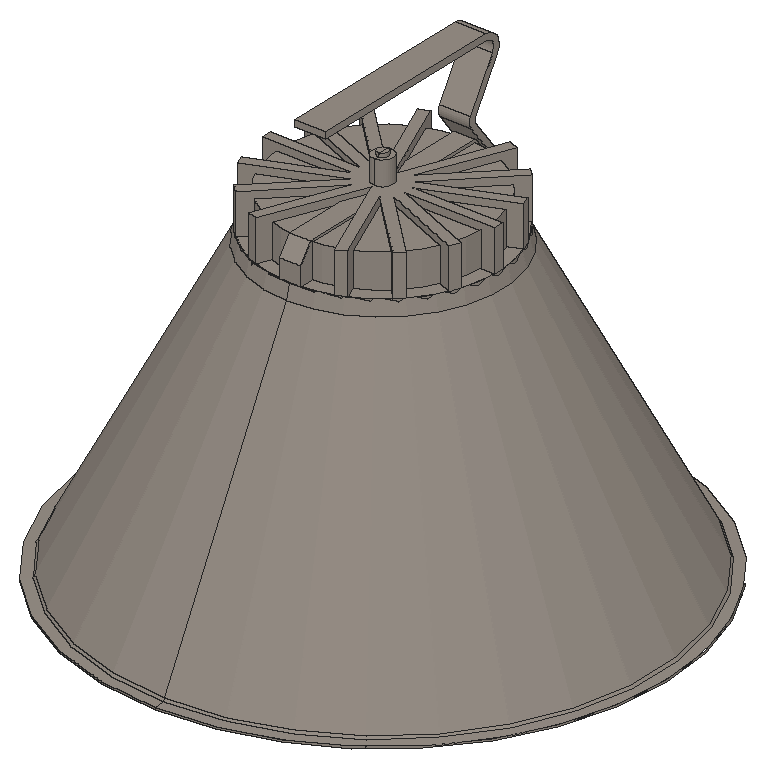
Revit family "Lighting_Pendants_Zero_City_Wire", category Lighting Fixtures, Revit 2020
Family settings
  Round Connector Dimension = Use Diameter
  Part Type = Normal
  OmniClass Number = 23.80.70.00
  OmniClass Title = Lighting
  Work Plane-Based = No
  Always vertical = Yes
  Cut with Voids When Loaded = No
  Light Source = Yes
  Shared = No
  Room Calculation Point = No
Parameters (values of type "City wire LED 1166LM/18W Beige grey")
  Youtube clip = ""
  Weight Net (Kg) = "6.2"
  Wattage = 7.84963 W
  WarrantyStartDate [instance] = "n/a"
  WarrantyGuarantorParts = "n/a"
  WarrantyGuarantorLabor = "n/a"
  WarrantyDurationUnit = "Year"
  WarrantyDurationParts = "n/a"
  WarrantyDurationLabor = "n/a"
  WarrantyDescription = "n/a"
  built-in parameter 1150110 = 1 (stored number, unit not read)
  VersionDate = "31/08/2023"  # constant formula
  Version = "3"  # constant formula
  UsageCurrent = 0 A
  Uniformat II Description = ""
  Uniformat II Code = ""
  Uniclass2015Reference = "Pr_70_70_48_86"
  Uniclass2015Description = "Suspended luminaires"
  Uniclass2 = "Pr_70_70_49_86"
  Uniclass 2015 Name = "Suspended luminaires"
  Uniclass 2015 Code = "Pr_70_70_48_86"
  Uniclass 2.0 Description = ""
  Uniclass 2.0 Code = ""
  Uniclass 1.4 Description = ""
  Uniclass 1.4 Code = ""
  URL = "https://www.zerolighting.com/outdoorpendant#/cityvajer-utompe/"
  UNSPSC Code = ""
  TotalWattage = 18 W
  built-in parameter 1114217 = 1 (stored number, unit not read)
  Tilt Angle = 90.00°
  built-in parameter 1150109 = 1 (stored number, unit not read)
  built-in parameter 1150134 = (empty or 0)
  Technical description = ""
  TagNumber [instance] = "n/a"
  SustainabilityPerformance = "n/a"
  built-in parameter 1150113 = 1 (stored number, unit not read)
  Size = "555x555x428 mm"
  Shape = "Cone"
  SerialNumber [instance] = "n/a"
  Revision = "5"  # constant formula
  ReplacementCost = "n/a"
  Region South America = "None"
  Region Oceania = "AU, NZ"
  Region North America = "BZ, CR, GT, HN, MX, NI, PA, SV, US"
  Region Middle East = "AE"
  Region Europe = "AD, AL, AT, AX, BA, BE, BG, BY, CH, CY, CZ, DE, DK, EE, ES, FI, FO, FR, GB, GG, GI, GR, HR, HU, IE, IM, IS, IT, JE, LI, LT, LU, LV, MC, MD, ME, MK, MT, NL, NO, PL, PT, RO, RS, RU, SE, SI, SJ, SK, SM, UA, VA"
  Region Asia = "HK, JP, SG"
  Region Antarctica = "None"
  Region Africa = "None"
  ProductInformation = "City has a wide range of applications: outdoor or indoor, enhancing retail environments, industries and public transport."
  Product group = "Catenary"
  Product family = "City"
  Product certification = ""
  Product SKU = "City_catenary"
  Product Guid = "6c30b859-9d74-477a-a7e0-98cf28369c1c"
  Photometric Web File = "City33923_IES.IES"
  PhaseReference = "n/a"
  PhaseAngle = 0.00°
  OmniClass Description = ""
  OmniClass Code = ""
  NumberOfSources = 0
  NumberOfPoles = 1
  Nominal_Width = 555 mm
  Nominal_Length = 555 mm
  Nominal_Height = 428 mm
  NominalVoltageCalc = 0 V
  NominalVoltage = 230 V
  NominalRadius = 277.5 mm
  NominalFrequencyRange = 50 Hz
  NominalDiameter = 555 mm
  NominalCurrent = 0 A
  Nominal width = 555 mm
  Nominal height = 428 mm
  Name = "Zero_City_Wire"
  NBSReference = "90-60-50/405"
  NBSDescription = "General purpose luminaires"
  NBS Reference Description = "General-Purpose Luminaires"
  NBS Reference Code = "70-50-34"
  ModelReference = "n/a"
  ModelNumber = "3392-3-66"
  Model = "City wire LED 1166LM/18W Beige grey"
  Material secondary = "Steel"
  Material main = "Aluminium"
  Material = "Metal"
  Masterformat 2014 Description = ""
  Masterformat 2014 Code = ""
  ManufacturersSpecificInformation = "n/a"
  ManufacturerURL = "https://www.zerolighting.com/"
  ManufacturerName = "Zero"
  Manufacturer name = "ZERO"
  Manufacturer country = "Sweden"
  Manufacturer = "Zero"
  MaintenanceFactor = 0
  Lumens = 1166 lm
  built-in parameter 1150115 = 1 (stored number, unit not read)
  built-in parameter 1150105 = 925.33 (stored number, unit not read)
  LightFixturePlacingType = "Other"
  LightFixtureMountingType = "Suspended"
  LightFixtureMainMaterial = Beige Grey RAL 7006
  built-in parameter 1150137 = (empty or 0)
  built-in parameter 1150139 = (empty or 0)
  built-in parameter 1150112 = 1 (stored number, unit not read)
  built-in parameter 1150114 = 1 (stored number, unit not read)
  InsulationStandardClass = "n/a"
  InstallationDate [instance] = "n/a"
  Installation instructions = ""
  built-in parameter 1150132 = 2
  built-in parameter 1150102 = (empty or 0)
  built-in parameter 1150138 = (empty or 0)
  built-in parameter 1150107 = 3000 (stored number, unit not read)
  built-in parameter 1150106 = 9.2533 (stored number, unit not read)
  IfcExportType = "NOTDEFINED"  # constant formula
  IfcExportAs = "IfcLightFixtureType"  # constant formula
  IP_Code = "IP65"
  IK Classification = "10"
  IFC Classification = "Light Fixture"
  HasProtectiveEarth = no
  Grade = "n/a"
  GTIN code = ""
  Finish = "Painted aluminum"
  Features = "Terminal block inside housing. Conduit entry"
  ExpectedLife = "n/a"
  ElectricalDeviceNominalPower = 0
  built-in parameter 1150104 = 13.8 (stored number, unit not read)
  Edition number = 1
  EANNumber = "n/a"
  DurationUnit = "Year"
  Dimming Lamp Color Temperature Shift = <None>
  Dimming = "None"
  Designer = "Thomas Bernstrand"
  Design country = "Sweden"
  Description = "City has a wide range of applications: outdoor or indoor, enhancing retail environments, industries and public transport."
  DefaultElevation = 0 mm
  Default Elevation = 0 mm
  Date of publishing = "5/20/2019"
  Constituents = "Glass diffuser"
  Color Filter = 16777215
  Color = "Beige"
  Collection = "City"
  CodePerformance = "n/a"
  Category = "Wire"
  COBIe Type Category = ""
  Brand url = "http://www.zero.se"
  Brand = "Zero"
  Barcode [instance] = "n/a"
  built-in parameter 1114218 = 1 (stored number, unit not read)
  BIMObjectName = "Lighting_Pendants_Zero_City_Wire"
  Author = "BIMstone"  # constant formula
  built-in parameter 1150133 = 10 (stored number, unit not read)
  AssetType = "Fixed"
  AssetIdentifier [instance] = "n/a"
  ArticleNumber = "3392-3-66"
  AccessibilityPerformance = "n/a"
Types (12, lengths in mm): name | Wattage | TotalWattage | Photometric Web File | ModelNumber | Model | Lumens | built-in parameter 1150105 | LightFixtureMainMaterial | built-in parameter 1150106 | Dimming | Color | ArticleNumber
  City wire LED 1166LM/18W Black | 7.84963 W | 18 W | "City33923_IES.IES" | "3392-3-06" | "City wire LED 1166LM/18W Black" | 1166 lm | 925.33 (stored number, unit not read) | Black RAL 9005 | 9.2533 (stored number, unit not read) | "None" | "Black" | "3392-3-06"
  City wire LED 2120LM/32W Black | 14.2721 W | 32 W | "City33933_IES.IES" | "3393-3-06" | "City wire LED 2120LM/32W Black" | 2120 lm | 1682.4 (stored number, unit not read) | Black RAL 9005 | 16.824 (stored number, unit not read) | "None" | "Black" | "3393-3-06"
  City wire LED 1166LM/18W Beige grey | 7.84963 W | 18 W | "City33923_IES.IES" | "3392-3-66" | "City wire LED 1166LM/18W Beige grey" | 1166 lm | 925.33 (stored number, unit not read) | Beige Grey RAL 7006 | 9.2533 (stored number, unit not read) | "None" | "Beige" | "3392-3-66"
  City wire LED 2120LM/32W Beige grey | 14.2721 W | 32 W | "City33933_IES.IES" | "3393-3-66" | "City wire LED 2120LM/32W Beige grey" | 2120 lm | 1682.4 (stored number, unit not read) | Beige Grey RAL 7006 | 16.824 (stored number, unit not read) | "None" | "Beige" | "3393-3-66"
  City wire LED 1166LM/18W N Beige grey | 7.84963 W | 18 W | "City33923_IES.IES" | "3392-3-66N" | "City wire LED 1166LM/18W N Beige grey" | 1166 lm | 925.33 (stored number, unit not read) | Beige Grey RAL 7006 | 9.2533 (stored number, unit not read) | "Night-time dimming" | "Beige" | "3392-3-66N"
  City wire LED 1166LM/18W N Black | 7.84963 W | 18 W | "City33923_IES.IES" | "3392-3-06N" | "City wire LED 1166LM/18W N Black" | 1166 lm | 925.33 (stored number, unit not read) | Black RAL 9005 | 9.2533 (stored number, unit not read) | "Night-time dimming" | "Black" | "3392-3-06N"
  City wire LED 2120LM/32W N Beige grey | 14.2721 W | 32 W | "City33933_IES.IES" | "3393-3-66N" | "City wire LED 2120LM/32W N Beige grey" | 2120 lm | 1682.4 (stored number, unit not read) | Beige Grey RAL 7006 | 16.824 (stored number, unit not read) | "Night-time dimming" | "Beige" | "3393-3-66N"
  City wire LED 2120LM/32W N Black | 14.2721 W | 32 W | "City33933_IES.IES" | "3393-3-06N" | "City wire LED 2120LM/32W N Black" | 2120 lm | 1682.4 (stored number, unit not read) | Black RAL 9005 | 16.824 (stored number, unit not read) | "Night-time dimming" | "Black" | "3393-3-06N"
  City wire LED 1166LM/18W HFF Beige grey | 7.84963 W | 18 W | "City33923_IES.IES" | "3392-3-66HFF" | "City wire LED 1166LM/18W HFF Beige grey" | 1166 lm | 925.33 (stored number, unit not read) | Beige Grey RAL 7006 | 9.2533 (stored number, unit not read) | "Dimmable DALI." | "Beige" | "3392-3-66HFF"
  City wire LED 1166LM/18W HFF Black | 7.84963 W | 18 W | "City33923_IES.IES" | "3392-3-06HFF" | "City wire LED 1166LM/18W HFF Black" | 1166 lm | 925.33 (stored number, unit not read) | Black RAL 9005 | 9.2533 (stored number, unit not read) | "Dimmable DALI." | "Black" | "3392-3-06HFF"
  City wire LED 2120LM/32W HFF Beige grey | 14.2721 W | 32 W | "City33933_IES.IES" | "3393-3-66HFF" | "City wire LED 2120LM/32W HFF Beige grey" | 2120 lm | 1682.4 (stored number, unit not read) | Beige Grey RAL 7006 | 16.824 (stored number, unit not read) | "Dimmable DALI" | "Beige" | "3393-3-66HFF"
  City wire LED 2120LM/32W HFF Black | 14.2721 W | 32 W | "City33933_IES.IES" | "3393-3-06HFF" | "City wire LED 2120LM/32W HFF Black" | 2120 lm | 1682.4 (stored number, unit not read) | Black RAL 9005 | 16.824 (stored number, unit not read) | "Dimmable DALI" | "Black" | "3393-3-06HFF"
Reference planes
  plane 1 "Light Source Axis (F/B)": y = 0
  plane 2: z = 0
  plane 3 "Light Source Axis (L/R)": x = 0
  plane 4 "Light Source Elevation": z = 120
  plane 5: y = 277.5
  plane 6: y = -277.5
  plane 7: x = 277.5
  plane 8: x = -277.5
  plane 9: z = 428
Forms (mm)
  Extrusion 1, solid, material "Beige Grey RAL 7006" <- "LightFixtureMainMaterial", detail levels coarse
    sketch origin (0, 0, 0) x (1, 0, 0) y (0, 1, 0)
      loop
        line (-277.5, -277.5) -> (277.5, -277.5) -> (277.5, 277.5) -> (-277.5, 277.5) -> (-277.5, -277.5)
    from 0 to 428
Dimensions and locks
  equal spacing: plane 8, plane 3 "Light Source Axis (L/R)", plane 7
  "Nominal_Length": plane 8 to plane 7
  equal spacing: plane 5, plane 1 "Light Source Axis (F/B)", plane 6
  "Nominal_Width": plane 5 to plane 6
  "Nominal_Height": plane 9 to level
  aligned and locked: plane 3 "Light Source Axis (L/R)" to imposter light
  aligned and locked: plane 1 "Light Source Axis (F/B)" to imposter light
  aligned and locked: plane 4 "Light Source Elevation" to imposter light
  aligned and locked: level to plane 2
Automatic sketch dimensions
  Extrusion 1 sketch curve to plane 5 = 0 mm
  Extrusion 1 sketch curve to plane 8 = 0 mm
  Extrusion 1 sketch curve to plane 7 = 0 mm
  Extrusion 1 sketch curve to plane 6 = 0 mm
Nested families
  nested 1: "City-pendant-wire" at (0, 0, 0), Material1 <- "LightFixtureMainMaterial", type "City-pendant-wire"
    with Material1 Beige Grey RAL 7006
Connectors
  electrical at (0, 0, 367.936), driven by "NominalVoltage"
    settings: on nested 1, index 1, voltage 230 V, apparent load 0 VA, apparent load phase1 0 VA, apparent load phase2 0 VA, apparent load phase3 0 VA, power factor 1, load classification "Other", number of poles 1, system type 31, power factor state 1, is connector primary yes, connector utility no, sub classification motor no, connector description ""
Definition of nested family "City-pendant-wire"
  Parameters (values of type "City-pendant-wire")
    Material1 [instance] = none
    Default Elevation = 0 mm
  Reference planes
    plane 1 "Center (Front/Back)": y = 0
    plane 2: z = 0
    plane 3 "Center (Left/Right)": x = 0
    plane 4: z = 342
  Forms (mm)
    Revolve 1, solid, material <- "Material1", detail levels medium+fine
      sketch origin (0, 0, 0) x (0, 1, 0) y (0, 0, 1)
        loop
          line (100, 302) -> (100, 335.077) -> (0, 335.077) -> (0, 330.077) -> (95, 330.077) -> (95, 297) -> (109.862, 297) -> (112.338, 286.27) -> (262.824, 0) -> (277.395, 0) -> (277.395, 2) -> (267.643, 2.804) -> (265.772, 5.137) -> (117.065, 288.025) -> (113.84, 302) -> (100, 302)
        axis (0, 0) -> (0, 335.077)
      angle from 0 to 360
    Extrusion 2, solid, material <- "Material1", detail levels medium+fine
      sketch origin (0, 0, 9) x (1, 0, 0) y (0, 1, 0)
        loop
          arc (-103.16, 48.142) -> (-105.175, 43.565) -> (-106.987, 38.903) r 113.84
          line (-106.987, 38.903) -> (-25.137, 5) -> (-113.73, 5)
          arc (-113.73, 5) -> (-113.84, 0) -> (-113.73, -5) r 113.84
          line (-113.73, -5) -> (-25.137, -5) -> (-106.987, -38.903)
          arc (-106.987, -38.903) -> (-105.175, -43.565) -> (-103.16, -48.142) r 113.84
          line (-103.16, -48.142) -> (-21.31, -14.239) -> (-83.955, -76.884)
          arc (-83.955, -76.884) -> (-80.497, -80.497) -> (-76.884, -83.955) r 113.84
          line (-76.884, -83.955) -> (-14.239, -21.31) -> (-48.142, -103.16)
          arc (-48.142, -103.16) -> (-43.565, -105.175) -> (-38.903, -106.987) r 113.84
          line (-38.903, -106.987) -> (0, -13.066) -> (38.903, -106.987)
          arc (38.903, -106.987) -> (43.565, -105.175) -> (48.142, -103.16) r 113.84
          line (48.142, -103.16) -> (14.239, -21.31) -> (76.884, -83.955)
          arc (76.884, -83.955) -> (80.497, -80.497) -> (83.955, -76.884) r 113.84
          line (83.955, -76.884) -> (21.31, -14.239) -> (103.16, -48.142)
          arc (103.16, -48.142) -> (105.175, -43.565) -> (106.987, -38.903) r 113.84
          line (106.987, -38.903) -> (25.137, -5) -> (113.73, -5)
          arc (113.73, -5) -> (113.84, 0) -> (113.73, 5) r 113.84
          line (113.73, 5) -> (25.137, 5) -> (106.987, 38.903)
          arc (106.987, 38.903) -> (105.175, 43.565) -> (103.16, 48.142) r 113.84
          line (103.16, 48.142) -> (21.31, 14.239) -> (83.955, 76.884)
          arc (83.955, 76.884) -> (80.497, 80.497) -> (76.884, 83.955) r 113.84
          line (76.884, 83.955) -> (14.239, 21.31) -> (48.142, 103.16)
          arc (48.142, 103.16) -> (43.565, 105.175) -> (38.903, 106.987) r 113.84
          line (38.903, 106.987) -> (0, 13.066) -> (-38.903, 106.987)
          arc (-38.903, 106.987) -> (-43.565, 105.175) -> (-48.142, 103.16) r 113.84
          line (-48.142, 103.16) -> (-14.239, 21.31) -> (-76.884, 83.955)
          arc (-76.884, 83.955) -> (-80.497, 80.497) -> (-83.955, 76.884) r 113.84
          line (-83.955, 76.884) -> (-21.31, 14.239) -> (-103.16, 48.142)
      from 293 to 333
    Extrusion 3, solid, material <- "Material1", detail levels medium+fine
      sketch origin (0, 0, 9) x (0, 1, 0) y (0, 0, 1)
        loop
          line (113.276, 293) -> (113.276, 311.419) -> (100.84, 328) -> (-100.84, 328) -> (-113.179, 311.549) -> (-113.179, 293) -> (113.276, 293)
      from -10 to 10
    Extrusion 4, solid, material <- "Material1", detail levels medium+fine
      sketch origin (0, 0, 0) x (1, 0, 0) y (0, 1, 0)
        loop
          line (-261.557, 56.75) -> (-241.75, 56.75) -> (-241.75, 91.25) -> (-251.607, 91.25)
          arc (-251.607, 91.25) -> (-257.161, 74.167) -> (-261.557, 56.75) r 267.643
        loop
          line (241.75, 0) -> (241.75, -17.25) -> (267.086, -17.25)
          arc (267.086, -17.25) -> (267.643, 0) -> (267.086, 17.25) r 267.643
          line (267.086, 17.25) -> (241.75, 17.25) -> (241.75, 0)
        loop
          arc (266.913, 19.75) -> (265.062, 37.079) -> (262.087, 54.25) r 267.643
          line (262.087, 54.25) -> (241.75, 54.25) -> (241.75, 19.75) -> (266.913, 19.75)
        loop
          arc (261.557, 56.75) -> (257.161, 74.167) -> (251.607, 91.25) r 267.643
          line (251.607, 91.25) -> (241.75, 91.25) -> (241.75, 56.75) -> (261.557, 56.75)
        loop
          arc (250.686, 93.75) -> (246.444, 104.393) -> (241.75, 114.845) r 267.643
          line (241.75, 114.845) -> (241.75, 93.75) -> (250.686, 93.75)
        loop
          line (-202.25, 165.25) -> (-202.25, 130.75) -> (-167.75, 130.75) -> (-167.75, 165.25) -> (-202.25, 165.25)
        loop
          line (-165.25, 165.25) -> (-165.25, 130.75) -> (-130.75, 130.75) -> (-130.75, 165.25) -> (-165.25, 165.25)
        loop
          line (-128.25, 165.25) -> (-128.25, 130.75) -> (-93.75, 130.75) -> (-93.75, 165.25) -> (-128.25, 165.25)
        loop
          line (-91.25, 165.25) -> (-91.25, 130.75) -> (-56.75, 130.75) -> (-56.75, 165.25) -> (-91.25, 165.25)
        loop
          line (-54.25, 165.25) -> (-54.25, 130.75) -> (-19.75, 130.75) -> (-19.75, 165.25) -> (-54.25, 165.25)
        loop
          line (-17.25, 165.25) -> (-17.25, 130.75) -> (17.25, 130.75) -> (17.25, 165.25) -> (-17.25, 165.25)
        loop
          line (19.75, 165.25) -> (19.75, 130.75) -> (54.25, 130.75) -> (54.25, 165.25) -> (19.75, 165.25)
        loop
          line (56.75, 165.25) -> (56.75, 130.75) -> (91.25, 130.75) -> (91.25, 165.25) -> (56.75, 165.25)
        loop
          line (93.75, 165.25) -> (93.75, 130.75) -> (128.25, 130.75) -> (128.25, 165.25) -> (93.75, 165.25)
        loop
          line (130.75, 165.25) -> (130.75, 130.75) -> (165.25, 130.75) -> (165.25, 165.25) -> (130.75, 165.25)
        loop
          line (167.75, 165.25) -> (167.75, 130.75) -> (202.25, 130.75) -> (202.25, 165.25) -> (167.75, 165.25)
        loop
          line (204.75, 165.25) -> (204.75, 130.75) -> (233.531, 130.75)
          arc (233.531, 130.75) -> (222.702, 148.446) -> (210.535, 165.25) r 267.643
          line (210.535, 165.25) -> (204.75, 165.25)
        loop
          line (266.913, -19.75) -> (241.75, -19.75) -> (241.75, -54.25) -> (262.087, -54.25)
          arc (262.087, -54.25) -> (265.062, -37.079) -> (266.913, -19.75) r 267.643
        loop
          line (261.557, -56.75) -> (241.75, -56.75) -> (241.75, -91.25) -> (251.607, -91.25)
          arc (251.607, -91.25) -> (257.161, -74.167) -> (261.557, -56.75) r 267.643
        loop
          line (250.686, -93.75) -> (241.75, -93.75) -> (241.75, -114.845)
          arc (241.75, -114.845) -> (246.444, -104.393) -> (250.686, -93.75) r 267.643
        loop
          line (-241.75, 0) -> (-241.75, 17.25) -> (-267.086, 17.25)
          arc (-267.086, 17.25) -> (-267.643, 0) -> (-267.086, -17.25) r 267.643
          line (-267.086, -17.25) -> (-241.75, -17.25) -> (-241.75, 0)
        loop
          line (-266.913, 19.75) -> (-241.75, 19.75) -> (-241.75, 54.25) -> (-262.087, 54.25)
          arc (-262.087, 54.25) -> (-265.062, 37.079) -> (-266.913, 19.75) r 267.643
        loop
          line (-250.686, 93.75) -> (-241.75, 93.75) -> (-241.75, 114.845)
          arc (-241.75, 114.845) -> (-246.444, 104.393) -> (-250.686, 93.75) r 267.643
        loop
          arc (-266.913, -19.75) -> (-265.062, -37.079) -> (-262.087, -54.25) r 267.643
          line (-262.087, -54.25) -> (-241.75, -54.25) -> (-241.75, -19.75) -> (-266.913, -19.75)
        loop
          arc (-261.557, -56.75) -> (-257.161, -74.167) -> (-251.607, -91.25) r 267.643
          line (-251.607, -91.25) -> (-241.75, -91.25) -> (-241.75, -56.75) -> (-261.557, -56.75)
        loop
          arc (-250.686, -93.75) -> (-246.444, -104.393) -> (-241.75, -114.845) r 267.643
          line (-241.75, -114.845) -> (-241.75, -93.75) -> (-250.686, -93.75)
        loop
          line (0, 241.75) -> (17.25, 241.75) -> (17.25, 267.086)
          arc (17.25, 267.086) -> (0, 267.643) -> (-17.25, 267.086) r 267.643
          line (-17.25, 267.086) -> (-17.25, 241.75) -> (0, 241.75)
        loop
          line (19.75, 266.913) -> (19.75, 241.75) -> (54.25, 241.75) -> (54.25, 262.087)
          arc (54.25, 262.087) -> (37.079, 265.062) -> (19.75, 266.913) r 267.643
        loop
          line (56.75, 261.557) -> (56.75, 241.75) -> (91.25, 241.75) -> (91.25, 251.607)
          arc (91.25, 251.607) -> (74.167, 257.161) -> (56.75, 261.557) r 267.643
        loop
          line (93.75, 250.686) -> (93.75, 241.75) -> (114.845, 241.75)
          arc (114.845, 241.75) -> (104.393, 246.444) -> (93.75, 250.686) r 267.643
        loop
          arc (-19.75, 266.913) -> (-37.079, 265.062) -> (-54.25, 262.087) r 267.643
          line (-54.25, 262.087) -> (-54.25, 241.75) -> (-19.75, 241.75) -> (-19.75, 266.913)
        loop
          arc (-56.75, 261.557) -> (-74.167, 257.161) -> (-91.25, 251.607) r 267.643
          line (-91.25, 251.607) -> (-91.25, 241.75) -> (-56.75, 241.75) -> (-56.75, 261.557)
        loop
          arc (-93.75, 250.686) -> (-104.393, 246.444) -> (-114.845, 241.75) r 267.643
          line (-114.845, 241.75) -> (-93.75, 241.75) -> (-93.75, 250.686)
        loop
          line (0, -241.75) -> (-17.25, -241.75) -> (-17.25, -267.086)
          arc (-17.25, -267.086) -> (0, -267.643) -> (17.25, -267.086) r 267.643
          line (17.25, -267.086) -> (17.25, -241.75) -> (0, -241.75)
        loop
          arc (19.75, -266.913) -> (37.079, -265.062) -> (54.25, -262.087) r 267.643
          line (54.25, -262.087) -> (54.25, -241.75) -> (19.75, -241.75) -> (19.75, -266.913)
        loop
          arc (56.75, -261.557) -> (74.167, -257.161) -> (91.25, -251.607) r 267.643
          line (91.25, -251.607) -> (91.25, -241.75) -> (56.75, -241.75) -> (56.75, -261.557)
        loop
          arc (93.75, -250.686) -> (104.393, -246.444) -> (114.845, -241.75) r 267.643
          line (114.845, -241.75) -> (93.75, -241.75) -> (93.75, -250.686)
        loop
          line (-19.75, -266.913) -> (-19.75, -241.75) -> (-54.25, -241.75) -> (-54.25, -262.087)
          arc (-54.25, -262.087) -> (-37.079, -265.062) -> (-19.75, -266.913) r 267.643
        loop
          line (-56.75, -261.557) -> (-56.75, -241.75) -> (-91.25, -241.75) -> (-91.25, -251.607)
          arc (-91.25, -251.607) -> (-74.167, -257.161) -> (-56.75, -261.557) r 267.643
        loop
          line (-93.75, -250.686) -> (-93.75, -241.75) -> (-114.845, -241.75)
          arc (-114.845, -241.75) -> (-104.393, -246.444) -> (-93.75, -250.686) r 267.643
        loop
          line (-204.75, 165.25) -> (-210.535, 165.25)
          arc (-210.535, 165.25) -> (-222.702, 148.446) -> (-233.531, 130.75) r 267.643
          line (-233.531, 130.75) -> (-204.75, 130.75) -> (-204.75, 165.25)
        loop
          line (-165.25, 202.25) -> (-165.25, 167.75) -> (-130.75, 167.75) -> (-130.75, 202.25) -> (-165.25, 202.25)
        loop
          line (-128.25, 202.25) -> (-128.25, 167.75) -> (-93.75, 167.75) -> (-93.75, 202.25) -> (-128.25, 202.25)
        loop
          line (-91.25, 202.25) -> (-91.25, 167.75) -> (-56.75, 167.75) -> (-56.75, 202.25) -> (-91.25, 202.25)
        loop
          line (-54.25, 202.25) -> (-54.25, 167.75) -> (-19.75, 167.75) -> (-19.75, 202.25) -> (-54.25, 202.25)
        loop
          line (-17.25, 202.25) -> (-17.25, 167.75) -> (17.25, 167.75) -> (17.25, 202.25) -> (-17.25, 202.25)
        loop
          line (-165.25, 210.535) -> (-165.25, 204.75) -> (-130.75, 204.75) -> (-130.75, 233.531)
          arc (-130.75, 233.531) -> (-148.446, 222.702) -> (-165.25, 210.535) r 267.643
        loop
          line (-128.25, 234.914) -> (-128.25, 204.75) -> (-93.75, 204.75) -> (-93.75, 239.25) -> (-119.966, 239.25)
          arc (-119.966, 239.25) -> (-124.127, 237.118) -> (-128.25, 234.914) r 267.643
        loop
          line (-91.25, 239.25) -> (-91.25, 204.75) -> (-56.75, 204.75) -> (-56.75, 239.25) -> (-91.25, 239.25)
        loop
          line (-54.25, 239.25) -> (-54.25, 204.75) -> (-19.75, 204.75) -> (-19.75, 239.25) -> (-54.25, 239.25)
        loop
          line (-17.25, 239.25) -> (-17.25, 204.75) -> (17.25, 204.75) -> (17.25, 239.25) -> (-17.25, 239.25)
        loop
          line (-165.25, 91.25) -> (-165.25, 56.75) -> (-130.75, 56.75) -> (-130.75, 91.25) -> (-165.25, 91.25)
        loop
          line (-128.25, 91.25) -> (-128.25, 56.75) -> (-93.75, 56.75) -> (-93.75, 91.25) -> (-128.25, 91.25)
        loop
          line (-91.25, 91.25) -> (-91.25, 56.75) -> (-56.75, 56.75) -> (-56.75, 91.25) -> (-91.25, 91.25)
        loop
          line (-54.25, 91.25) -> (-54.25, 56.75) -> (-19.75, 56.75) -> (-19.75, 91.25) -> (-54.25, 91.25)
        loop
          line (-17.25, 91.25) -> (-17.25, 56.75) -> (17.25, 56.75) -> (17.25, 91.25) -> (-17.25, 91.25)
        loop
          line (-165.25, 128.25) -> (-165.25, 93.75) -> (-130.75, 93.75) -> (-130.75, 128.25) -> (-165.25, 128.25)
        loop
          line (-128.25, 128.25) -> (-128.25, 93.75) -> (-93.75, 93.75) -> (-93.75, 128.25) -> (-128.25, 128.25)
        loop
          line (-91.25, 128.25) -> (-91.25, 93.75) -> (-56.75, 93.75) -> (-56.75, 128.25) -> (-91.25, 128.25)
        loop
          line (-54.25, 128.25) -> (-54.25, 93.75) -> (-19.75, 93.75) -> (-19.75, 128.25) -> (-54.25, 128.25)
        loop
          line (-17.25, 128.25) -> (-17.25, 93.75) -> (17.25, 93.75) -> (17.25, 128.25) -> (-17.25, 128.25)
        loop
          line (-165.25, 17.25) -> (-165.25, -17.25) -> (-130.75, -17.25) -> (-130.75, 17.25) -> (-165.25, 17.25)
        loop
          line (-128.25, 17.25) -> (-128.25, -17.25) -> (-93.75, -17.25) -> (-93.75, 17.25) -> (-128.25, 17.25)
        loop
          line (-91.25, 17.25) -> (-91.25, -17.25) -> (-56.75, -17.25) -> (-56.75, 17.25) -> (-91.25, 17.25)
        loop
          line (-54.25, 17.25) -> (-54.25, -17.25) -> (-19.75, -17.25) -> (-19.75, 17.25) -> (-54.25, 17.25)
        loop
          line (-17.25, 17.25) -> (-17.25, -17.25) -> (17.25, -17.25) -> (17.25, 17.25) -> (-17.25, 17.25)
        loop
          line (-165.25, 54.25) -> (-165.25, 19.75) -> (-130.75, 19.75) -> (-130.75, 54.25) -> (-165.25, 54.25)
        loop
          line (-128.25, 54.25) -> (-128.25, 19.75) -> (-93.75, 19.75) -> (-93.75, 54.25) -> (-128.25, 54.25)
        loop
          line (-91.25, 54.25) -> (-91.25, 19.75) -> (-56.75, 19.75) -> (-56.75, 54.25) -> (-91.25, 54.25)
        loop
          line (-54.25, 54.25) -> (-54.25, 19.75) -> (-19.75, 19.75) -> (-19.75, 54.25) -> (-54.25, 54.25)
        loop
          line (-17.25, 54.25) -> (-17.25, 19.75) -> (17.25, 19.75) -> (17.25, 54.25) -> (-17.25, 54.25)
        loop
          line (-165.25, -56.75) -> (-165.25, -91.25) -> (-130.75, -91.25) -> (-130.75, -56.75) -> (-165.25, -56.75)
        loop
          line (-128.25, -56.75) -> (-128.25, -91.25) -> (-93.75, -91.25) -> (-93.75, -56.75) -> (-128.25, -56.75)
        loop
          line (-91.25, -56.75) -> (-91.25, -91.25) -> (-56.75, -91.25) -> (-56.75, -56.75) -> (-91.25, -56.75)
        loop
          line (-54.25, -56.75) -> (-54.25, -91.25) -> (-19.75, -91.25) -> (-19.75, -56.75) -> (-54.25, -56.75)
        loop
          line (-17.25, -56.75) -> (-17.25, -91.25) -> (17.25, -91.25) -> (17.25, -56.75) -> (-17.25, -56.75)
        loop
          line (-165.25, -19.75) -> (-165.25, -54.25) -> (-130.75, -54.25) -> (-130.75, -19.75) -> (-165.25, -19.75)
        loop
          line (-128.25, -19.75) -> (-128.25, -54.25) -> (-93.75, -54.25) -> (-93.75, -19.75) -> (-128.25, -19.75)
        loop
          line (-91.25, -19.75) -> (-91.25, -54.25) -> (-56.75, -54.25) -> (-56.75, -19.75) -> (-91.25, -19.75)
        loop
          line (-54.25, -19.75) -> (-54.25, -54.25) -> (-19.75, -54.25) -> (-19.75, -19.75) -> (-54.25, -19.75)
        loop
          line (-17.25, -19.75) -> (-17.25, -54.25) -> (17.25, -54.25) -> (17.25, -19.75) -> (-17.25, -19.75)
        loop
          line (-165.25, -130.75) -> (-165.25, -165.25) -> (-130.75, -165.25) -> (-130.75, -130.75) -> (-165.25, -130.75)
        loop
          line (-128.25, -130.75) -> (-128.25, -165.25) -> (-93.75, -165.25) -> (-93.75, -130.75) -> (-128.25, -130.75)
        loop
          line (-91.25, -130.75) -> (-91.25, -165.25) -> (-56.75, -165.25) -> (-56.75, -130.75) -> (-91.25, -130.75)
        loop
          line (-54.25, -130.75) -> (-54.25, -165.25) -> (-19.75, -165.25) -> (-19.75, -130.75) -> (-54.25, -130.75)
        loop
          line (-17.25, -130.75) -> (-17.25, -165.25) -> (17.25, -165.25) -> (17.25, -130.75) -> (-17.25, -130.75)
        loop
          line (-165.25, -93.75) -> (-165.25, -128.25) -> (-130.75, -128.25) -> (-130.75, -93.75) -> (-165.25, -93.75)
        loop
          line (-128.25, -93.75) -> (-128.25, -128.25) -> (-93.75, -128.25) -> (-93.75, -93.75) -> (-128.25, -93.75)
        loop
          line (-91.25, -93.75) -> (-91.25, -128.25) -> (-56.75, -128.25) -> (-56.75, -93.75) -> (-91.25, -93.75)
        loop
          line (-54.25, -93.75) -> (-54.25, -128.25) -> (-19.75, -128.25) -> (-19.75, -93.75) -> (-54.25, -93.75)
        loop
          line (-17.25, -93.75) -> (-17.25, -128.25) -> (17.25, -128.25) -> (17.25, -93.75) -> (-17.25, -93.75)
        loop
          line (-165.25, -204.75) -> (-165.25, -210.535)
          arc (-165.25, -210.535) -> (-148.446, -222.702) -> (-130.75, -233.531) r 267.643
          line (-130.75, -233.531) -> (-130.75, -204.75) -> (-165.25, -204.75)
        loop
          line (-128.25, -204.75) -> (-128.25, -234.914)
          arc (-128.25, -234.914) -> (-124.127, -237.118) -> (-119.966, -239.25) r 267.643
          line (-119.966, -239.25) -> (-93.75, -239.25) -> (-93.75, -204.75) -> (-128.25, -204.75)
        loop
          line (-91.25, -204.75) -> (-91.25, -239.25) -> (-56.75, -239.25) -> (-56.75, -204.75) -> (-91.25, -204.75)
        loop
          line (-54.25, -204.75) -> (-54.25, -239.25) -> (-19.75, -239.25) -> (-19.75, -204.75) -> (-54.25, -204.75)
        loop
          line (-17.25, -204.75) -> (-17.25, -239.25) -> (17.25, -239.25) -> (17.25, -204.75) -> (-17.25, -204.75)
        loop
          line (-165.25, -167.75) -> (-165.25, -202.25) -> (-130.75, -202.25) -> (-130.75, -167.75) -> (-165.25, -167.75)
        loop
          line (-128.25, -167.75) -> (-128.25, -202.25) -> (-93.75, -202.25) -> (-93.75, -167.75) -> (-128.25, -167.75)
        loop
          line (-91.25, -167.75) -> (-91.25, -202.25) -> (-56.75, -202.25) -> (-56.75, -167.75) -> (-91.25, -167.75)
        loop
          line (-54.25, -167.75) -> (-54.25, -202.25) -> (-19.75, -202.25) -> (-19.75, -167.75) -> (-54.25, -167.75)
        loop
          line (-17.25, -167.75) -> (-17.25, -202.25) -> (17.25, -202.25) -> (17.25, -167.75) -> (-17.25, -167.75)
        loop
          line (-167.75, 204.75) -> (-167.75, 208.548)
          arc (-167.75, 208.548) -> (-170.068, 206.662) -> (-172.366, 204.75) r 267.643
          line (-172.366, 204.75) -> (-167.75, 204.75)
        loop
          arc (-175.292, 202.25) -> (-189.252, 189.252) -> (-202.25, 175.292) r 267.642
          line (-202.25, 175.292) -> (-202.25, 167.75) -> (-167.75, 167.75) -> (-167.75, 202.25) -> (-175.292, 202.25)
        loop
          line (-204.75, 167.75) -> (-204.75, 172.366)
          arc (-204.75, 172.366) -> (-206.662, 170.068) -> (-208.548, 167.75) r 267.643
          line (-208.548, 167.75) -> (-204.75, 167.75)
        loop
          line (165.25, 202.25) -> (130.75, 202.25) -> (130.75, 167.75) -> (165.25, 167.75) -> (165.25, 202.25)
        loop
          line (128.25, 202.25) -> (93.75, 202.25) -> (93.75, 167.75) -> (128.25, 167.75) -> (128.25, 202.25)
        loop
          line (91.25, 202.25) -> (56.75, 202.25) -> (56.75, 167.75) -> (91.25, 167.75) -> (91.25, 202.25)
        loop
          line (54.25, 202.25) -> (19.75, 202.25) -> (19.75, 167.75) -> (54.25, 167.75) -> (54.25, 202.25)
        loop
          arc (165.25, 210.535) -> (148.446, 222.702) -> (130.75, 233.531) r 267.643
          line (130.75, 233.531) -> (130.75, 204.75) -> (165.25, 204.75) -> (165.25, 210.535)
        loop
          arc (128.25, 234.914) -> (124.127, 237.118) -> (119.966, 239.25) r 267.643
          line (119.966, 239.25) -> (93.75, 239.25) -> (93.75, 204.75) -> (128.25, 204.75) -> (128.25, 234.914)
        loop
          line (91.25, 239.25) -> (56.75, 239.25) -> (56.75, 204.75) -> (91.25, 204.75) -> (91.25, 239.25)
        loop
          line (54.25, 239.25) -> (19.75, 239.25) -> (19.75, 204.75) -> (54.25, 204.75) -> (54.25, 239.25)
        loop
          line (167.75, 204.75) -> (172.366, 204.75)
          arc (172.366, 204.75) -> (170.068, 206.662) -> (167.75, 208.548) r 267.643
          line (167.75, 208.548) -> (167.75, 204.75)
        loop
          line (175.292, 202.25) -> (167.75, 202.25) -> (167.75, 167.75) -> (202.25, 167.75) -> (202.25, 175.292)
          arc (202.25, 175.292) -> (189.252, 189.252) -> (175.292, 202.25) r 267.642
        loop
          line (204.75, 167.75) -> (208.548, 167.75)
          arc (208.548, 167.75) -> (206.662, 170.068) -> (204.75, 172.366) r 267.643
          line (204.75, 172.366) -> (204.75, 167.75)
        loop
          line (165.25, -202.25) -> (165.25, -167.75) -> (130.75, -167.75) -> (130.75, -202.25) -> (165.25, -202.25)
        loop
          line (128.25, -202.25) -> (128.25, -167.75) -> (93.75, -167.75) -> (93.75, -202.25) -> (128.25, -202.25)
        loop
          line (91.25, -202.25) -> (91.25, -167.75) -> (56.75, -167.75) -> (56.75, -202.25) -> (91.25, -202.25)
        loop
          line (54.25, -202.25) -> (54.25, -167.75) -> (19.75, -167.75) -> (19.75, -202.25) -> (54.25, -202.25)
        loop
          line (165.25, -210.535) -> (165.25, -204.75) -> (130.75, -204.75) -> (130.75, -233.531)
          arc (130.75, -233.531) -> (148.446, -222.702) -> (165.25, -210.535) r 267.643
        loop
          line (128.25, -234.914) -> (128.25, -204.75) -> (93.75, -204.75) -> (93.75, -239.25) -> (119.966, -239.25)
          arc (119.966, -239.25) -> (124.127, -237.118) -> (128.25, -234.914) r 267.643
        loop
          line (91.25, -239.25) -> (91.25, -204.75) -> (56.75, -204.75) -> (56.75, -239.25) -> (91.25, -239.25)
        loop
          line (54.25, -239.25) -> (54.25, -204.75) -> (19.75, -204.75) -> (19.75, -239.25) -> (54.25, -239.25)
        loop
          line (167.75, -204.75) -> (167.75, -208.548)
          arc (167.75, -208.548) -> (170.068, -206.662) -> (172.366, -204.75) r 267.643
          line (172.366, -204.75) -> (167.75, -204.75)
        loop
          arc (175.292, -202.25) -> (189.252, -189.252) -> (202.25, -175.292) r 267.642
          line (202.25, -175.292) -> (202.25, -167.75) -> (167.75, -167.75) -> (167.75, -202.25) -> (175.292, -202.25)
        loop
          line (204.75, -167.75) -> (204.75, -172.366)
          arc (204.75, -172.366) -> (206.662, -170.068) -> (208.548, -167.75) r 267.643
          line (208.548, -167.75) -> (204.75, -167.75)
        loop
          line (-167.75, -204.75) -> (-172.366, -204.75)
          arc (-172.366, -204.75) -> (-170.068, -206.662) -> (-167.75, -208.548) r 267.643
          line (-167.75, -208.548) -> (-167.75, -204.75)
        loop
          line (-175.292, -202.25) -> (-167.75, -202.25) -> (-167.75, -167.75) -> (-202.25, -167.75) -> (-202.25, -175.292)
          arc (-202.25, -175.292) -> (-189.252, -189.252) -> (-175.292, -202.25) r 267.642
        loop
          line (-204.75, -167.75) -> (-208.548, -167.75)
          arc (-208.548, -167.75) -> (-206.662, -170.068) -> (-204.75, -172.366) r 267.643
          line (-204.75, -172.366) -> (-204.75, -167.75)
        loop
          line (-204.75, -165.25) -> (-204.75, -130.75) -> (-233.531, -130.75)
          arc (-233.531, -130.75) -> (-222.702, -148.446) -> (-210.535, -165.25) r 267.643
          line (-210.535, -165.25) -> (-204.75, -165.25)
        loop
          line (-202.25, -165.25) -> (-167.75, -165.25) -> (-167.75, -130.75) -> (-202.25, -130.75) -> (-202.25, -165.25)
        loop
          line (165.25, -130.75) -> (130.75, -130.75) -> (130.75, -165.25) -> (165.25, -165.25) -> (165.25, -130.75)
        loop
          line (128.25, -130.75) -> (93.75, -130.75) -> (93.75, -165.25) -> (128.25, -165.25) -> (128.25, -130.75)
        loop
          line (91.25, -130.75) -> (56.75, -130.75) -> (56.75, -165.25) -> (91.25, -165.25) -> (91.25, -130.75)
        loop
          line (54.25, -130.75) -> (19.75, -130.75) -> (19.75, -165.25) -> (54.25, -165.25) -> (54.25, -130.75)
        loop
          line (204.75, -165.25) -> (210.535, -165.25)
          arc (210.535, -165.25) -> (222.702, -148.446) -> (233.531, -130.75) r 267.643
          line (233.531, -130.75) -> (204.75, -130.75) -> (204.75, -165.25)
        loop
          line (202.25, -165.25) -> (202.25, -130.75) -> (167.75, -130.75) -> (167.75, -165.25) -> (202.25, -165.25)
        loop
          line (165.25, 91.25) -> (130.75, 91.25) -> (130.75, 56.75) -> (165.25, 56.75) -> (165.25, 91.25)
        loop
          line (128.25, 91.25) -> (93.75, 91.25) -> (93.75, 56.75) -> (128.25, 56.75) -> (128.25, 91.25)
        loop
          line (91.25, 91.25) -> (56.75, 91.25) -> (56.75, 56.75) -> (91.25, 56.75) -> (91.25, 91.25)
        loop
          line (54.25, 91.25) -> (19.75, 91.25) -> (19.75, 56.75) -> (54.25, 56.75) -> (54.25, 91.25)
        loop
          line (165.25, 128.25) -> (130.75, 128.25) -> (130.75, 93.75) -> (165.25, 93.75) -> (165.25, 128.25)
        loop
          line (128.25, 128.25) -> (93.75, 128.25) -> (93.75, 93.75) -> (128.25, 93.75) -> (128.25, 128.25)
        loop
          line (91.25, 128.25) -> (56.75, 128.25) -> (56.75, 93.75) -> (91.25, 93.75) -> (91.25, 128.25)
        loop
          line (54.25, 128.25) -> (19.75, 128.25) -> (19.75, 93.75) -> (54.25, 93.75) -> (54.25, 128.25)
        loop
          line (165.25, 17.25) -> (130.75, 17.25) -> (130.75, -17.25) -> (165.25, -17.25) -> (165.25, 17.25)
        loop
          line (128.25, 17.25) -> (93.75, 17.25) -> (93.75, -17.25) -> (128.25, -17.25) -> (128.25, 17.25)
        loop
          line (91.25, 17.25) -> (56.75, 17.25) -> (56.75, -17.25) -> (91.25, -17.25) -> (91.25, 17.25)
        loop
          line (54.25, 17.25) -> (19.75, 17.25) -> (19.75, -17.25) -> (54.25, -17.25) -> (54.25, 17.25)
        loop
          line (165.25, 54.25) -> (130.75, 54.25) -> (130.75, 19.75) -> (165.25, 19.75) -> (165.25, 54.25)
        loop
          line (128.25, 54.25) -> (93.75, 54.25) -> (93.75, 19.75) -> (128.25, 19.75) -> (128.25, 54.25)
        loop
          line (91.25, 54.25) -> (56.75, 54.25) -> (56.75, 19.75) -> (91.25, 19.75) -> (91.25, 54.25)
        loop
          line (54.25, 54.25) -> (19.75, 54.25) -> (19.75, 19.75) -> (54.25, 19.75) -> (54.25, 54.25)
        loop
          line (165.25, -56.75) -> (130.75, -56.75) -> (130.75, -91.25) -> (165.25, -91.25) -> (165.25, -56.75)
        loop
          line (128.25, -56.75) -> (93.75, -56.75) -> (93.75, -91.25) -> (128.25, -91.25) -> (128.25, -56.75)
        loop
          line (91.25, -56.75) -> (56.75, -56.75) -> (56.75, -91.25) -> (91.25, -91.25) -> (91.25, -56.75)
        loop
          line (54.25, -56.75) -> (19.75, -56.75) -> (19.75, -91.25) -> (54.25, -91.25) -> (54.25, -56.75)
        loop
          line (165.25, -19.75) -> (130.75, -19.75) -> (130.75, -54.25) -> (165.25, -54.25) -> (165.25, -19.75)
        loop
          line (128.25, -19.75) -> (93.75, -19.75) -> (93.75, -54.25) -> (128.25, -54.25) -> (128.25, -19.75)
        loop
          line (91.25, -19.75) -> (56.75, -19.75) -> (56.75, -54.25) -> (91.25, -54.25) -> (91.25, -19.75)
        loop
          line (54.25, -19.75) -> (19.75, -19.75) -> (19.75, -54.25) -> (54.25, -54.25) -> (54.25, -19.75)
        loop
          line (165.25, -93.75) -> (130.75, -93.75) -> (130.75, -128.25) -> (165.25, -128.25) -> (165.25, -93.75)
        loop
          line (128.25, -93.75) -> (93.75, -93.75) -> (93.75, -128.25) -> (128.25, -128.25) -> (128.25, -93.75)
        loop
          line (91.25, -93.75) -> (56.75, -93.75) -> (56.75, -128.25) -> (91.25, -128.25) -> (91.25, -93.75)
        loop
          line (54.25, -93.75) -> (19.75, -93.75) -> (19.75, -128.25) -> (54.25, -128.25) -> (54.25, -93.75)
        loop
          line (-202.25, 91.25) -> (-202.25, 56.75) -> (-167.75, 56.75) -> (-167.75, 91.25) -> (-202.25, 91.25)
        loop
          line (-202.25, 128.25) -> (-202.25, 93.75) -> (-167.75, 93.75) -> (-167.75, 128.25) -> (-202.25, 128.25)
        loop
          line (-202.25, 17.25) -> (-202.25, -17.25) -> (-167.75, -17.25) -> (-167.75, 17.25) -> (-202.25, 17.25)
        loop
          line (-202.25, 54.25) -> (-202.25, 19.75) -> (-167.75, 19.75) -> (-167.75, 54.25) -> (-202.25, 54.25)
        loop
          line (-202.25, -56.75) -> (-202.25, -91.25) -> (-167.75, -91.25) -> (-167.75, -56.75) -> (-202.25, -56.75)
        loop
          line (-202.25, -19.75) -> (-202.25, -54.25) -> (-167.75, -54.25) -> (-167.75, -19.75) -> (-202.25, -19.75)
        loop
          line (-202.25, -93.75) -> (-202.25, -128.25) -> (-167.75, -128.25) -> (-167.75, -93.75) -> (-202.25, -93.75)
        loop
          line (-239.25, 91.25) -> (-239.25, 56.75) -> (-204.75, 56.75) -> (-204.75, 91.25) -> (-239.25, 91.25)
        loop
          line (-239.25, 119.966) -> (-239.25, 93.75) -> (-204.75, 93.75) -> (-204.75, 128.25) -> (-234.914, 128.25)
          arc (-234.914, 128.25) -> (-237.118, 124.127) -> (-239.25, 119.966) r 267.643
        loop
          line (-239.25, 17.25) -> (-239.25, -17.25) -> (-204.75, -17.25) -> (-204.75, 17.25) -> (-239.25, 17.25)
        loop
          line (-239.25, 54.25) -> (-239.25, 19.75) -> (-204.75, 19.75) -> (-204.75, 54.25) -> (-239.25, 54.25)
        loop
          line (-239.25, -56.75) -> (-239.25, -91.25) -> (-204.75, -91.25) -> (-204.75, -56.75) -> (-239.25, -56.75)
        loop
          line (-239.25, -19.75) -> (-239.25, -54.25) -> (-204.75, -54.25) -> (-204.75, -19.75) -> (-239.25, -19.75)
        loop
          line (-239.25, -93.75) -> (-239.25, -119.966)
          arc (-239.25, -119.966) -> (-237.118, -124.127) -> (-234.914, -128.25) r 267.643
          line (-234.914, -128.25) -> (-204.75, -128.25) -> (-204.75, -93.75) -> (-239.25, -93.75)
        loop
          line (202.25, 91.25) -> (167.75, 91.25) -> (167.75, 56.75) -> (202.25, 56.75) -> (202.25, 91.25)
        loop
          line (202.25, 128.25) -> (167.75, 128.25) -> (167.75, 93.75) -> (202.25, 93.75) -> (202.25, 128.25)
        loop
          line (202.25, 17.25) -> (167.75, 17.25) -> (167.75, -17.25) -> (202.25, -17.25) -> (202.25, 17.25)
        loop
          line (202.25, 54.25) -> (167.75, 54.25) -> (167.75, 19.75) -> (202.25, 19.75) -> (202.25, 54.25)
        loop
          line (202.25, -56.75) -> (167.75, -56.75) -> (167.75, -91.25) -> (202.25, -91.25) -> (202.25, -56.75)
        loop
          line (202.25, -19.75) -> (167.75, -19.75) -> (167.75, -54.25) -> (202.25, -54.25) -> (202.25, -19.75)
        loop
          line (202.25, -93.75) -> (167.75, -93.75) -> (167.75, -128.25) -> (202.25, -128.25) -> (202.25, -93.75)
        loop
          line (239.25, 91.25) -> (204.75, 91.25) -> (204.75, 56.75) -> (239.25, 56.75) -> (239.25, 91.25)
        loop
          arc (239.25, 119.966) -> (237.118, 124.127) -> (234.914, 128.25) r 267.643
          line (234.914, 128.25) -> (204.75, 128.25) -> (204.75, 93.75) -> (239.25, 93.75) -> (239.25, 119.966)
        loop
          line (239.25, 17.25) -> (204.75, 17.25) -> (204.75, -17.25) -> (239.25, -17.25) -> (239.25, 17.25)
        loop
          line (239.25, 54.25) -> (204.75, 54.25) -> (204.75, 19.75) -> (239.25, 19.75) -> (239.25, 54.25)
        loop
          line (239.25, -56.75) -> (204.75, -56.75) -> (204.75, -91.25) -> (239.25, -91.25) -> (239.25, -56.75)
        loop
          line (239.25, -19.75) -> (204.75, -19.75) -> (204.75, -54.25) -> (239.25, -54.25) -> (239.25, -19.75)
        loop
          line (239.25, -93.75) -> (204.75, -93.75) -> (204.75, -128.25) -> (234.914, -128.25)
          arc (234.914, -128.25) -> (237.118, -124.127) -> (239.25, -119.966) r 267.643
          line (239.25, -119.966) -> (239.25, -93.75)
        loop
          circle (0, 0) r 268.643
      from 0 to 5.137
    Revolve 5, void
      sketch origin (0, 0, 0) x (1, 0, 0) y (0, 0, 1)
        loop
          line (0, 277.237) -> (0, 293) -> (-137.587, 293) -> (-287.319, 17.227) -> (-287.319, -12.773) -> (-269.807, -12.773) -> (-112.346, 277.237) -> (0, 277.237)
        axis (0, 293) -> (0, -12.773)
      angle from 0 to 360
    Extrusion 6, solid, material <- "Material1", detail levels medium+fine
      sketch origin (0, 0, 14) x (1, 0, 0) y (0, 1, 0)
        loop
          circle (0, 0) r 113.84
      from 285 to 288
    Revolve 7, solid, material <- "Material1", detail levels medium+fine
      sketch origin (0, 51.698, 9) x (0, 1, 0) y (0, 0, 1)
        loop
          line (-51.698, 358.936) -> (-51.698, 333) -> (-41.698, 333) -> (-41.698, 355.936) -> (-46.698, 355.936) -> (-46.698, 358.936) -> (-51.698, 358.936)
        axis (-51.698, 333) -> (-51.698, 358.936)
      angle from 0 to 360
    Extrusion 8, solid, material <- "Material1", detail levels medium+fine
      sketch origin (0, 6.832, 0) x (0, 1, 0) y (0, 0, 1)
        loop
          line (-95, 428) -> (-95, 422) -> (100.804, 422)
          arc (100.804, 422) -> (108.648, 417.425) -> (108.529, 408.345) r 9.013
          line (108.529, 408.345) -> (81.772, 363.813)
          arc (81.772, 363.813) -> (80.356, 358.151) -> (82.343, 352.663) r 10
          line (82.343, 352.663) -> (113.276, 311.419) -> (118.076, 315.019) -> (87.143, 356.263)
          arc (87.143, 356.263) -> (86.348, 358.458) -> (86.915, 360.723) r 4
          line (86.915, 360.723) -> (113.672, 405.255)
          arc (113.672, 405.255) -> (113.87, 420.38) -> (100.804, 428) r 15.013
          line (100.804, 428) -> (-95, 428)
      from -15 to 15
  Cuts and joins
    joined: Extrusion 2, Extrusion 3
    Revolve 5 cuts Extrusion 4
  Lines and regions (mm)
    symbolic lines, detail levels medium+fine
      curve 1: arc (0, 277.395, 0) -> (-277.395, 0, 0) -> (0, -277.395, 0) r 277.395
      curve 2: arc (0, -277.395, 0) -> (277.395, 0, 0) -> (0, 277.395, 0) r 277.395
      curve 7: line (0, -106.987, 328.805) -> (0, -106.987, 342)
      curve 8: line (0, -106.987, 328.805) -> (0, -112.816, 321.033)
      curve 9: line (0, -113.84, 302) -> (0, -112.816, 302)
      curve 10: line (0, -112.816, 302) -> (0, -112.816, 321.033)
      curve 11: line (0, -113.84, 302) -> (0, -117.065, 288.025)
      curve 12: line (0, -117.065, 288.025) -> (0, -265.772, 5.137)
      curve 13: line (0, -265.772, 5.137) -> (0, -267.643, 2.804)
      curve 14: line (0, -267.643, 2.804) -> (0, -277.395, 2)
      curve 15: line (0, -277.395, 2) -> (0, -277.395, 0)
      curve 16: line (0, -277.395, 0) -> (0, 0, 0)
      curve 17: line (0, 5, 367.936) -> (0, -5, 367.936)
      curve 18: line (0, -5, 367.936) -> (0, -5, 364.936)
      curve 19: line (0, -5, 364.936) -> (0, -10, 364.936)
      curve 20: line (0, -10, 364.936) -> (0, -10, 342)
      curve 21: line (0, 5, 367.936) -> (0, 5, 364.936)
      curve 22: line (0, 5, 364.936) -> (0, 10, 364.936)
      curve 23: line (0, 10, 364.936) -> (0, 10, 342)
      curve 25: line (0, -10, 342) -> (0, -106.987, 342)
      curve 28: line (0, 113.84, 302) -> (0, 112.816, 302)
      curve 29: line (0, 112.816, 302) -> (0, 112.816, 321.142)
      curve 30: line (0, 113.84, 302) -> (0, 117.065, 288.025)
      curve 31: line (0, 117.065, 288.025) -> (0, 265.772, 5.137)
      curve 32: line (0, 265.772, 5.137) -> (0, 267.643, 2.804)
      curve 33: line (0, 267.643, 2.804) -> (0, 277.395, 2)
      curve 34: line (0, 277.395, 2) -> (0, 277.395, 0)
      curve 35: line (0, 277.395, 0) -> (0, 0, 0)
      curve 37: line (0, 10, 342) -> (0, 97.173, 342)
      curve 61: line (-113.84, 0, 342) -> (-113.84, 0, 302)
      curve 62: line (-113.84, 0, 302) -> (-117.065, 0, 288.025)
      curve 63: line (-117.065, 0, 288.025) -> (-265.772, 0, 5.137)
      curve 64: line (-265.772, 0, 5.137) -> (-267.643, 0, 2.804)
      curve 65: line (-277.416, 0, 0) -> (-277.416, 0, 1.983)
      curve 66: line (-277.416, 0, 1.983) -> (-267.643, 0, 2.804)
      curve 67: line (-277.416, 0, 0) -> (0, 0, 0)
      curve 86: line (113.84, 0, 342) -> (113.84, 0, 302)
      curve 87: line (113.84, 0, 302) -> (117.065, 0, 288.025)
      curve 88: line (117.065, 0, 288.025) -> (265.772, 0, 5.137)
      curve 89: line (265.772, 0, 5.137) -> (267.643, 0, 2.804)
      curve 90: line (277.416, 0, 0) -> (277.416, 0, 1.983)
      curve 91: line (277.416, 0, 1.983) -> (267.643, 0, 2.804)
      curve 92: line (277.416, 0, 0) -> (0, 0, 0)
      curve 111: line (0, -88.168, 422) -> (0, 107.636, 422)
      curve 112: line (0, 107.636, 428) -> (0, -88.168, 428)
      curve 113: line (0, -88.168, 428) -> (0, -88.168, 422)
      curve 114: arc (0, 107.636, 422) -> (0, 115.48, 417.425) -> (0, 115.361, 408.345) r 9.013
      curve 115: arc (0, 120.504, 405.255) -> (0, 120.702, 420.38) -> (0, 107.636, 428) r 15.013
      curve 116: line (0, 93.747, 360.723) -> (0, 120.504, 405.255)
      curve 117: line (0, 115.361, 408.345) -> (0, 88.604, 363.813)
      curve 118: arc (0, 88.604, 363.813) -> (0, 87.189, 358.151) -> (0, 89.175, 352.663) r 10
      curve 119: arc (0, 93.975, 356.263) -> (0, 93.181, 358.458) -> (0, 93.747, 360.723) r 4
      curve 120: line (0, 124.909, 315.019) -> (0, 106.987, 338.915)
      curve 121: line (0, 89.175, 352.663) -> (0, 97.173, 342)
      curve 122: line (0, 120.109, 311.419) -> (0, 124.909, 315.019)
      curve 123: line (0, 104.673, 342) -> (0, 93.975, 356.263)
      curve 124: line (0, 112.816, 321.142) -> (0, 120.109, 311.419)
      curve 125: line (0, 104.673, 342) -> (0, 106.987, 342)
      curve 127: line (-15, 0, 342) -> (-113.84, 0, 342)
      curve 128: line (15, 0, 342) -> (113.84, 0, 342)
      curve 129: line (-15, 0, 342) -> (-15, 0, 428)
      curve 130: line (-15, 0, 428) -> (15, 0, 428)
      curve 131: line (15, 0, 428) -> (15, 0, 342)
      curve 191: line (0, 106.987, 338.915) -> (0, 106.987, 342)
    symbolic lines, detail levels fine
      curve 3: arc (0, -267.643, 0) -> (-267.643, 0, 0) -> (0, 267.643, 0) r 267.643
      curve 4: arc (0, 267.643, 0) -> (267.643, 0, 0) -> (0, -267.643, 0) r 267.643
      curve 5: arc (0, 262.872, 0) -> (-262.872, 0, 0) -> (0, -262.872, 0) r 262.872
      curve 6: arc (0, -262.872, 0) -> (262.872, 0, 0) -> (0, 262.872, 0) r 262.872
      curve 24: line (0, 10, 342) -> (0, -10, 342)
      curve 26: line (0, 106.987, 328.805) -> (0, 106.987, 338.915)
      curve 27: line (0, 106.987, 328.805) -> (0, 112.816, 321.033)
      curve 36: line (0, 41.698, 342) -> (0, 61.698, 342)
      curve 38: line (0, -267.643, 2.804) -> (0, 267.643, 2.804)
      curve 39: line (0, -265.772, 5.137) -> (0, 265.772, 5.137)
      curve 40: line (0, -117.065, 288.025) -> (0, 117.065, 288.025)
      curve 41: line (0, 113.84, 302) -> (0, -113.84, 302)
      curve 42: line (0, 103.16, 302) -> (0, 103.16, 342)
      curve 43: line (0, 83.955, 302) -> (0, 83.955, 342)
      curve 44: line (0, 76.884, 302) -> (0, 76.884, 342)
      curve 45: line (0, 48.142, 302) -> (0, 48.142, 342)
      curve 46: line (0, 38.903, 302) -> (0, 38.903, 342)
      curve 47: line (0, 5, 302) -> (0, 5, 342)
      curve 48: line (0, -5, 342) -> (0, -5, 302)
      curve 49: line (0, -38.903, 302) -> (0, -38.903, 342)
      curve 50: line (0, -48.142, 302) -> (0, -48.142, 342)
      curve 51: line (0, -83.955, 302) -> (0, -83.955, 342)
      curve 52: line (0, -76.884, 302) -> (0, -76.884, 342)
      curve 53: line (0, -103.16, 302) -> (0, -103.16, 342)
      curve 54: line (0, -106.987, 302) -> (0, -106.987, 328.805)
      curve 55: line (0, 106.987, 302) -> (0, 106.987, 328.805)
      curve 56: line (0, 0, 367.936) -> (-5, 0, 367.936)
      curve 57: line (-5, 0, 367.936) -> (-5, 0, 364.936)
      curve 58: line (-5, 0, 364.936) -> (-10, 0, 364.936)
      curve 59: line (-10, 0, 364.936) -> (-10, 0, 342)
      curve 60: line (-10, 0, 342) -> (-15, 0, 342)
      curve 68: line (0, 0, 337) -> (-10, 0, 337)
      curve 69: line (-10, 0, 337) -> (-10, 0, 302)
      curve 70: line (0, 0, 320.549) -> (-10, 0, 320.549)
      curve 71: line (0, 0, 302) -> (-113.84, 0, 302)
      curve 72: line (0, 0, 288.025) -> (-117.065, 0, 288.025)
      curve 73: line (-106.987, 0, 302) -> (-106.987, 0, 342)
      curve 74: line (-103.16, 0, 302) -> (-103.16, 0, 342)
      curve 75: line (-83.955, 0, 302) -> (-83.955, 0, 342)
      curve 76: line (-76.884, 0, 302) -> (-76.884, 0, 342)
      curve 77: line (-48.142, 0, 302) -> (-48.142, 0, 342)
      curve 78: line (-38.903, 0, 302) -> (-38.903, 0, 342)
      curve 79: line (-267.643, 0, 2.804) -> (0, 0, 2.804)
      curve 80: line (-265.772, 0, 5.137) -> (0, 0, 5.137)
      curve 81: line (0, 0, 367.936) -> (5, 0, 367.936)
      curve 82: line (5, 0, 367.936) -> (5, 0, 364.936)
      curve 83: line (5, 0, 364.936) -> (10, 0, 364.936)
      curve 84: line (10, 0, 364.936) -> (10, 0, 342)
      curve 85: line (10, 0, 342) -> (15, 0, 342)
      curve 93: line (0, 0, 337) -> (10, 0, 337)
      curve 94: line (10, 0, 337) -> (10, 0, 302)
      curve 95: line (0, 0, 320.549) -> (10, 0, 320.549)
      curve 96: line (0, 0, 302) -> (113.84, 0, 302)
      curve 97: line (0, 0, 288.025) -> (117.065, 0, 288.025)
      curve 98: line (106.987, 0, 302) -> (106.987, 0, 342)
      curve 99: line (103.16, 0, 302) -> (103.16, 0, 342)
      curve 100: line (83.955, 0, 302) -> (83.955, 0, 342)
      curve 101: line (76.884, 0, 302) -> (76.884, 0, 342)
      curve 102: line (48.142, 0, 302) -> (48.142, 0, 342)
      curve 103: line (38.903, 0, 302) -> (38.903, 0, 342)
      curve 104: line (267.643, 0, 2.804) -> (0, 0, 2.804)
      curve 105: line (265.772, 0, 5.137) -> (0, 0, 5.137)
      curve 106: line (-5, 0, 364.936) -> (0, 0, 364.936)
      curve 107: line (-10, 0, 342) -> (0, 0, 342)
      curve 108: line (5, 0, 364.936) -> (0, 0, 364.936)
      curve 109: line (10, 0, 342) -> (0, 0, 342)
      curve 110: line (0, 5, 364.936) -> (0, -5, 364.936)
      curve 126: line (0, 97.173, 342) -> (0, 104.673, 342)
      curve 132: line (-15, 0, 422) -> (15, 0, 422)
      curve 133: arc (-15, 116.1, 0) -> (-116.823, -7.516, 0) -> (0, -117.065, 0) r 117.065
      curve 134: arc (0, -117.065, 0) -> (116.823, -7.516, 0) -> (15, 116.1, 0) r 117.065
      curve 135: line (-15, 124.909, 0) -> (-15, -88.168, 0)
      curve 136: line (-15, -88.168, 0) -> (15, -88.168, 0)
      curve 137: line (15, -88.168, 0) -> (15, 124.909, 0)
      curve 138: line (-15, 124.909, 0) -> (15, 124.909, 0)
      curve 139: line (-15, 122.228, 0) -> (15, 122.228, 0)
      curve 140: arc (-15, 98.869, 0) -> (-24.413, 96.974, 0) -> (-33.601, 94.186, 0) r 100
      curve 141: line (-48.142, 103.16, 0) -> (-15, 23.148, 0)
      curve 142: line (-83.955, 76.884, 0) -> (-21.31, 14.239, 0)
      curve 143: line (-21.31, 14.239, 0) -> (-103.16, 48.142, 0)
      curve 144: line (-106.987, 38.903, 0) -> (-25.137, 5, 0)
      curve 145: line (-25.137, 5, 0) -> (-113.73, 5, 0)
      curve 146: line (-113.73, -5, 0) -> (-25.137, -5, 0)
      curve 147: line (-25.137, -5, 0) -> (-106.987, -38.903, 0)
      curve 148: line (-103.16, -48.142, 0) -> (-21.31, -14.239, 0)
      curve 149: line (-21.31, -14.239, 0) -> (-83.955, -76.884, 0)
      curve 150: line (-76.884, -83.955, 0) -> (-15, -22.071, 0)
      curve 151: line (-38.903, -106.987, 0) -> (-15, -49.279, 0)
      curve 152: arc (-33.601, -94.186, 0) -> (-21.962, -97.559, 0) -> (-10, -99.499, 0) r 100
      curve 153: arc (-67.087, -74.158, 0) -> (-55.557, -83.147, 0) -> (-42.84, -90.359, 0) r 100
      curve 154: arc (-90.359, -42.84, 0) -> (-83.147, -55.557, 0) -> (-74.158, -67.087, 0) r 100
      curve 155: arc (-99.875, -5, 0) -> (-98.079, -19.509, 0) -> (-94.186, -33.601, 0) r 100
      curve 156: arc (-94.186, 33.601, 0) -> (-98.079, 19.509, 0) -> (-99.875, 5, 0) r 100
      curve 157: arc (-74.158, 67.087, 0) -> (-83.147, 55.557, 0) -> (-90.359, 42.84, 0) r 100
      curve 158: arc (-42.84, 90.359, 0) -> (-55.557, 83.147, 0) -> (-67.087, 74.158, 0) r 100
      curve 159: line (-15, -23.148, 0) -> (-48.142, -103.16, 0)
      curve 160: line (-15, 22.071, 0) -> (-76.884, 83.955, 0)
      curve 161: line (-15, 49.279, 0) -> (-38.903, 106.987, 0)
      curve 162: line (-10, -100.84, 0) -> (10, -100.84, 0)
      curve 163: line (-10, -88.168, 0) -> (-10, -113.179, 0)
      curve 164: line (-10, -113.179, 0) -> (-12.252, -113.179, 0)
      curve 165: arc (15, 98.869, 0) -> (24.413, 96.974, 0) -> (33.601, 94.186, 0) r 100
      curve 166: line (48.142, 103.16, 0) -> (15, 23.148, 0)
      curve 167: line (83.955, 76.884, 0) -> (21.31, 14.239, 0)
      curve 168: line (21.31, 14.239, 0) -> (103.16, 48.142, 0)
      curve 169: line (106.987, 38.903, 0) -> (25.137, 5, 0)
      curve 170: line (25.137, 5, 0) -> (113.73, 5, 0)
      curve 171: line (113.73, -5, 0) -> (25.137, -5, 0)
      curve 172: line (25.137, -5, 0) -> (106.987, -38.903, 0)
      curve 173: line (103.16, -48.142, 0) -> (21.31, -14.239, 0)
      curve 174: line (21.31, -14.239, 0) -> (83.955, -76.884, 0)
      curve 175: line (76.884, -83.955, 0) -> (15, -22.071, 0)
      curve 176: line (38.903, -106.987, 0) -> (15, -49.279, 0)
      curve 177: arc (33.601, -94.186, 0) -> (21.962, -97.559, 0) -> (10, -99.499, 0) r 100
      curve 178: arc (67.087, -74.158, 0) -> (55.557, -83.147, 0) -> (42.84, -90.359, 0) r 100
      curve 179: arc (90.359, -42.84, 0) -> (83.147, -55.557, 0) -> (74.158, -67.087, 0) r 100
      curve 180: arc (99.875, -5, 0) -> (98.079, -19.509, 0) -> (94.186, -33.601, 0) r 100
      curve 181: arc (94.186, 33.601, 0) -> (98.079, 19.509, 0) -> (99.875, 5, 0) r 100
      curve 182: arc (74.158, 67.087, 0) -> (83.147, 55.557, 0) -> (90.359, 42.84, 0) r 100
      curve 183: arc (42.84, 90.359, 0) -> (55.557, 83.147, 0) -> (67.087, 74.158, 0) r 100
      curve 184: line (15, -23.148, 0) -> (48.142, -103.16, 0)
      curve 185: line (15, 22.071, 0) -> (76.884, 83.955, 0)
      curve 186: line (15, 49.279, 0) -> (38.903, 106.987, 0)
      curve 187: line (10, -88.168, 0) -> (10, -113.179, 0)
      curve 188: line (10, -113.179, 0) -> (-12.252, -113.179, 0)
      curve 189: arc (-15, 112.848, 0) -> (-113.596, -7.448, 0) -> (-0.138, -113.84, 0) r 113.84
      curve 190: arc (15, 112.848, 0) -> (113.596, -7.448, 0) -> (0.138, -113.84, 0) r 113.84
  Dimensions and locks
    level to plane 4 = 342 mm
    aligned and locked: level to plane 2
    aligned and locked: curve 51 to cut or joined group of Extrusion 2, Extrusion 3
